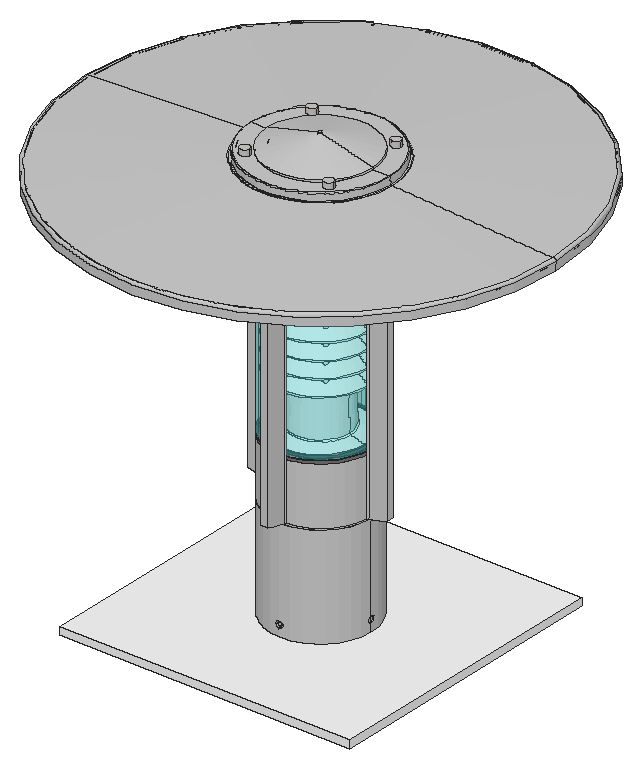
Revit family "BE_77142_de_DE", category Leuchten, Revit 2015
Parameters (values of type "BEGA_77142_Silber_K4")
  built-in parameter 1150104 = 11.65 (stored number, unit not read)
  Windangriffsfläche = "0.12 m²"
  Werkzeuglos = ""
  Wattage = 37.8 W
  Default Elevation = 0 mm
  built-in parameter 1150113 = 1 (stored number, unit not read)
  built-in parameter 1114218 = 1 (stored number, unit not read)
  Umgebungstemperatur = "25 °C"
  URL = "http://www.bega.de/produkt/77142"
  Typenkommentare = "© 2017 BEGA. Wir behalten uns das Recht vor, technische Änderungen ohne vorherige Ankündigung vorzunehmen."  # constant formula
  Type Image = 77142.png
  built-in parameter 1150134 = 12
  built-in parameter 1150109 = 1 (stored number, unit not read)
  Strom = ""
  built-in parameter 1150110 = 1 (stored number, unit not read)
  Spannung = 239.996 V
  Sonderanfertigung = no
  Seriennummer [instance] = "Hier können Sie die eindeutige Seriennummer für das Facility Management eintragen."
  Schutzklasse = "I"
  Schutzart = "IP 65"
  Scheinlast = 0 VA
  Produktdatenblatt = "http://www.bega.de/download/Xrfa/db/77142.db.de.pdf"
  Oberflächentemperatur = ""
  Neigungswinkel = 0.00°
  Modell = "77142A"
  Material_18 = BEGA_Gummi_schwarz
  Material_17 = BEGA_Reflektor
  Material_15 = BEGA_Leuchtmedium_matt
  Material_14 = BEGA_Kunststoff_opal
  Material_12 = BEGA_Kunststoff_klar
  Material_07 = BEGA_Oberfläche_Edelstahl_poliert
  Material_06 = BEGA_Oberfläche_Edelstahl_gebürstet
  Material_03 = BEGA_Oberfläche_Weiss_matt
  Material_02 = BEGA_Oberfläche_Silber_matt
  Material_01 [instance] = BEGA_Oberfläche_Grafit_matt
  Mastzopf_Ø [instance] = "76 mm"  # constant formula
  M_W = no
  M_G = no
  M_A = yes
  Logo = 0
  built-in parameter 1114217 = 1 (stored number, unit not read)
  built-in parameter 1150139 = (empty or 0)
  built-in parameter 1150105 = 377.21 (stored number, unit not read)
  built-in parameter 1150114 = 1 (stored number, unit not read)
  Lumens = 4740.12 lm
  built-in parameter 1150115 = 1 (stored number, unit not read)
  Leuchtenlichtstrom = "1607 lm"
  Leuchtenanzahl = ""
  Lebensdauerkriterien = "L70 = 50.000 h"
  Lastklassifizierung = Beleuchtung
  built-in parameter 1150112 = 1 (stored number, unit not read)
  Lampenlichtstrom = "4740 lm"
  Lampe = "LED 37.8 W"
  LED_Modulbezeichnung = "6x LED-0146/840"
  built-in parameter 1150142 = (empty or 0)
  Hersteller = "BEGA"  # constant formula
  Halbstreuwinkel = ""
  Gewicht = "11.3 kg"
  Frequenz = "0/50-60 Hz"
  Farbwiedergabeindex = "Ra > 80"
  Farbtemperaturverschiebung bei Dämpfen der Lampe = <Keine Auswahl>
  Farbtemperatur = "4000 K"
  Color Filter = 16777215
  Erdstück [instance] = no
  built-in parameter 1150133 = 10 (stored number, unit not read)
  Energieeffizienzklasse = "LED A++ - A"
  Einstecktiefe = "80 mm"
  built-in parameter 1150137 = (empty or 0)
  built-in parameter 1150132 = (empty or 0)
  ENEC = "ja"
  Dimmbar [instance] = ""
  Datei für fotometrisches Netz = "BE_77142.IES"
  CE_Konformität = "ja"
  Bestellnummer_Erdstück [instance] = ""
  Bestellnummer = "77142A"
  Beschreibung_Sonderanfertigung = "Hier können Sie Informationen zur Sonderanfertigung eintragen."
  Beschreibung = "Aufsatzleuchte"
  built-in parameter 1150106 = 3.7721 (stored number, unit not read)
  BEGA_Intern_aus = yes
  BEGA_Intern_an = yes
  BEGA_Intern_Konstruktion = yes
  BEGA_Intern = yes
  BEGA_Infotext_Winkel [instance] = no
  BEGA_IES3 = yes
  BEGA_IES2 = yes
  BEGA_IES1 = yes
  BEGA_IES = yes
  BEGA_Dummy = no
  Anschlussleitung = "6.0 m X05BQ-F 5 G 1²"
  Anschlussleistung [instance] = "45.5 W"
  built-in parameter 1150107 = 4000 (stored number, unit not read)
  built-in parameter 1150102 = (empty or 0)
  built-in parameter 1150138 = (empty or 0)
  Aktualisierung = "2017-02-23T04:15:26"
  Abstand_zur_angestrahlten_Fläche [instance] = ""
  AC/DC = "AC/DC"
Reference planes
  plane 1 "Mitte (Vorne/Hinten)": y = 0
  plane 2: z = 0
  plane 3 "Mitte (Links/Rechts)": x = 0
  plane 4 "Links": x = -325
  plane 5 "Rechts": x = 325
  plane 6 "Unten": y = -325
  plane 7 "Oben": y = 325
  plane 8 "Vorne": z = 593
  plane 9 "Hinten": z = 0
Forms (mm)
  Extrusion 1, solid, material "BEGA_Platte_Weiss"
    sketch origin (0, -1119.2, 0) x (1, 0, 0) y (0, 1, 0)
      loop
        line (-200, 1319.2) -> (-200, 919.2) -> (200, 919.2) -> (200, 1319.2) -> (-200, 1319.2)
    from 0 to -10
  Extrusion 2, solid, material "BEGA_Dummy_matt", visible <- "BEGA_Dummy"
    sketch origin (77.149, -76.023, 0) x (1, 0, 0) y (0, 1, 0)
      loop
        circle (-77.149, 76.023) r 325
    from 0 to 593
Dimensions and locks
  plane 1 "Mitte (Vorne/Hinten)" to Extrusion 1 = 200 mm
  aligned and locked: plane 2 to Extrusion 1
  aligned and locked: level to Extrusion 1
Nested families
  nested 1: "BE_77142" at (0, 0, 0), type "BE_77142"
Connectors
  electrical at (0, 0, 0), driven by "Lastklassifizierung", driven by "Spannung", driven by "Scheinlast"
    settings: index 1, voltage 239.996 V, apparent load 0 VA, apparent load phase1 0 VA, apparent load phase2 0 VA, apparent load phase3 0 VA, power factor 1, load classification "Beleuchtung", number of poles 1, system type 31, power factor state 1, is connector primary yes, connector utility no, sub classification motor no, connector description ""
Definition of nested family "BE_77142"
  Parameters (values of type "BE_77142")
    Default Elevation = 1 mm
    URL = "http://www.bega.de/de/produkt"
    Type Comments = "© 2015 BEGA. Wir behalten uns das Recht vor, technische Änderungen ohne vorherige Ankündigung vorzunehmen. "  # constant formula
    Type Image = (empty or 0)
    Material_18 = none
    Material_17 = none
    Material_15 = none
    Material_14 = none
    Material_12 = none
    Material_11 = none
    Material_09 = none
    Material_07 = none
    Material_06 = none
    Material_03 = none
    Material_02 = none
    Material_01 = none
    M_W = yes
    M_G = yes
    M_A = yes
    Länge_Platte = 300 mm  # constant formula
    Höhe_Platte = -10 mm  # constant formula
    Manufacturer = "BEGA"  # constant formula
    Breite_Platte = 300 mm  # constant formula
  Reference planes
    plane 1 "Mitte (Oben/Unten)": y = 0
    plane 2: z = 80.5
    plane 3 "Mitte (Links/Rechts)": x = 0
    plane 4: x = -325
    plane 5: z = 593
    plane 6: x = 325
    plane 7: z = 0
    plane 8: y = 325
    plane 9: y = -325
  Forms (mm)
    Extrusion 1, solid, detail levels medium
      sketch origin (0, 0, 80.5) x (1, 0, 0) y (0, 1, 0)
        loop
          line (-150, 150) -> (-150, -150) -> (150, -150) -> (150, 150) -> (-150, 150)
      from 0 to -10 <- "Höhe_Platte"
    Revolve 2, solid, material <- "Material_01", visible <- "M_G", detail levels medium+fine
      sketch origin (0, 0, -80.5) x (1, 0, 0) y (0, 0, 1)
        loop
          line (-70, 80.5) -> (-62.5, 80.5) -> (-62.5, 241) -> (-66.25, 241) -> (-66.25, 224) -> (-69, 224) -> (-69, 221) -> (-70, 221) -> (-70, 80.5)
        axis (0, 80.5) -> (0, 241)
      angle from 0 to 360
    Revolve 3, solid, material <- "Material_01", visible <- "M_G", detail levels medium+fine
      sketch origin (0, 0, -80.5) x (1, 0, 0) y (0, 0, 1)
        loop
          line (-70, 224) -> (-66.5, 224) -> (-66.5, 303) -> (-70, 303) -> (-70, 224)
        axis (0, 224) -> (0, 303)
      angle from 0 to 360
    Revolve 4, solid, material <- "Material_18", detail levels medium+fine
      sketch origin (0, 0, -80.5) x (1, 0, 0) y (0, 0, 1)
        loop
          line (-70.237, 303) -> (-65.5, 303) -> (-64.778, 294.5) -> (-62.597, 294.5) -> (-62.045, 310.3) -> (-64.65, 310.3) -> (-64.65, 307) -> (-70.237, 307) -> (-70.237, 303)
        axis (0, 294.5) -> (0, 310.3)
      angle from 0 to 360
    Extrusion 5, solid, material <- "Material_01", visible <- "M_G", detail levels medium+fine
      sketch origin (0, 0, 0) x (1, 0, 0) y (0, 1, 0)
        loop
          arc (-96.37, 5) -> (-96.5, 0) -> (-96.37, -5) r 96.5
          line (-96.37, -5) -> (-71.472, -5.992)
          arc (-71.472, -5.992) -> (-70.191, -6.527) -> (-69.568, -7.768) r 2
          arc (-69.568, -7.768) -> (-69.892, -3.89) -> (-70, 0) r 70
          arc (-70, 0) -> (-69.892, 3.89) -> (-69.568, 7.768) r 70
          arc (-69.568, 7.768) -> (-70.192, 6.526) -> (-71.476, 5.991) r 2
          line (-71.476, 5.991) -> (-96.37, 5)
      from 143.5 to 559.032
    Extrusion 6, solid, material <- "Material_01", visible <- "M_G", detail levels medium+fine
      sketch origin (0, 0, 0) x (0, -1, 0) y (1, 0, 0)
        loop
          arc (-96.37, 5) -> (-96.5, 0) -> (-96.37, -5) r 96.5
          line (-96.37, -5) -> (-71.472, -5.992)
          arc (-71.472, -5.992) -> (-70.191, -6.527) -> (-69.568, -7.768) r 2
          arc (-69.568, -7.768) -> (-69.892, -3.89) -> (-70, 0) r 70
          arc (-70, 0) -> (-69.892, 3.89) -> (-69.568, 7.768) r 70
          arc (-69.568, 7.768) -> (-70.192, 6.526) -> (-71.476, 5.991) r 2
          line (-71.476, 5.991) -> (-96.37, 5)
      from 143.5 to 559.032
    Extrusion 7, solid, material <- "Material_01", visible <- "M_G", detail levels medium+fine
      sketch origin (0, 0, 0) x (0, 1, 0) y (-1, 0, 0)
        loop
          arc (-96.37, 5) -> (-96.5, 0) -> (-96.37, -5) r 96.5
          line (-96.37, -5) -> (-71.472, -5.992)
          arc (-71.472, -5.992) -> (-70.191, -6.527) -> (-69.568, -7.768) r 2
          arc (-69.568, -7.768) -> (-69.892, -3.89) -> (-70, 0) r 70
          arc (-70, 0) -> (-69.892, 3.89) -> (-69.568, 7.768) r 70
          arc (-69.568, 7.768) -> (-70.192, 6.526) -> (-71.476, 5.991) r 2
          line (-71.476, 5.991) -> (-96.37, 5)
      from 143.5 to 559.032
    Extrusion 8, solid, material <- "Material_01", visible <- "M_G", detail levels medium+fine
      sketch origin (0, 0, 0) x (-1, 0, 0) y (0, -1, 0)
        loop
          arc (-96.37, 5) -> (-96.5, 0) -> (-96.37, -5) r 96.5
          line (-96.37, -5) -> (-71.472, -5.992)
          arc (-71.472, -5.992) -> (-70.191, -6.527) -> (-69.568, -7.768) r 2
          arc (-69.568, -7.768) -> (-69.892, -3.89) -> (-70, 0) r 70
          arc (-70, 0) -> (-69.892, 3.89) -> (-69.568, 7.768) r 70
          arc (-69.568, 7.768) -> (-70.192, 6.526) -> (-71.476, 5.991) r 2
          line (-71.476, 5.991) -> (-96.37, 5)
      from 143.5 to 559.032
    Revolve 9, solid, material <- "Material_01", visible <- "M_G", detail levels medium+fine
      sketch origin (0, 0, -80.5) x (1, 0, 0) y (0, 0, 1)
        loop
          line (-96.5, 630) -> (-72.242, 623.5) -> (-70, 623.5) -> (-70, 640) -> (-96.5, 640) -> (-96.5, 630)
        axis (0, 623.5) -> (0, 640)
      angle from 0 to 360
    Revolve 10, solid, material <- "Material_01", visible <- "M_G", detail levels medium+fine
      sketch origin (0, 0, -80.5) x (1, 0, 0) y (0, 0, 1)
        loop
          line (-325, 616.208) -> (-322, 616.208) -> (-322, 627.412)
          arc (-322, 627.412) -> (-321.723, 628.104) -> (-321.044, 628.411) r 1
          line (-321.044, 628.411) -> (-99.921, 640) -> (-76.231, 640) -> (-76.231, 643) -> (-99.451, 643)
          arc (-99.451, 643) -> (-100, 642.993) -> (-100.549, 642.971) r 20.982
          line (-100.549, 642.971) -> (-321.209, 631.406)
          arc (-321.209, 631.406) -> (-323.901, 630.164) -> (-325, 627.411) r 4
          line (-325, 627.411) -> (-325, 616.208)
        axis (0, 616.208) -> (0, 643)
      angle from 0 to 360
    Revolve 11, solid, material <- "Material_01", visible <- "M_G", detail levels medium+fine
      sketch origin (0, 0, -80.5) x (1, 0, 0) y (0, 0, 1)
        loop
          line (-96.184, 652.036) -> (-96.5, 643) -> (-92.6, 643) -> (-92.074, 650) -> (-57.716, 650) -> (-57.485, 656.614) -> (0, 672.027) -> (0, 673.5) -> (-3, 673.5) -> (-71.93, 655.019) -> (-72, 653) -> (-95.185, 653)
          arc (-95.185, 653) -> (-95.879, 652.72) -> (-96.184, 652.036) r 1
        axis (0, 673.5) -> (0, 643)
      angle from 0 to 360
    Revolve 12, solid, material <- "Material_12", detail levels medium+fine
      sketch origin (0, 0, -80.5) x (1, 0, 0) y (0, 0, 1)
        loop
          line (-67, 644) -> (-70, 644) -> (-70, 307) -> (-67, 307) -> (-67, 644)
        axis (0, 307) -> (0, 644)
      angle from 0 to 360
    Revolve 13, void
      sketch origin (0, 0, -80.5) x (1, 0, 0) y (0, 0, 1)
        loop
          line (-70.777, 101) -> (-70.777, 96) -> (-58.842, 96) -> (-58.842, 101) -> (-70.777, 101)
        axis (-70.777, 96) -> (-58.842, 96)
      angle from 0 to 360
    Revolve 14, void
      sketch origin (0, 0, -80.5) x (0, -1, 0) y (0, 0, 1)
        loop
          line (-70.777, 101) -> (-70.777, 96) -> (-58.842, 96) -> (-58.842, 101) -> (-70.777, 101)
        axis (-70.777, 96) -> (-58.842, 96)
      angle from 0 to 360
    Revolve 15, void
      sketch origin (0, 0, -80.5) x (0, 1, 0) y (0, 0, 1)
        loop
          line (-70.777, 101) -> (-70.777, 96) -> (-58.842, 96) -> (-58.842, 101) -> (-70.777, 101)
        axis (-70.777, 96) -> (-58.842, 96)
      angle from 0 to 360
    Revolve 16, void
      sketch origin (0, 0, -80.5) x (-1, 0, 0) y (0, 0, 1)
        loop
          line (-70.777, 101) -> (-70.777, 96) -> (-58.842, 96) -> (-58.842, 101) -> (-70.777, 101)
        axis (-70.777, 96) -> (-58.842, 96)
      angle from 0 to 360
    Revolve 17, solid, material <- "Material_06", detail levels fine
      sketch origin (0, 0, -80.5) x (1, 0, 0) y (0, 0, 1)
        loop
          line (-68.5, 99.25) -> (-68.5, 96) -> (-44, 96) -> (-44, 102) -> (-65, 102) -> (-65, 100) -> (-67.75, 100) -> (-68.5, 99.25)
        axis (-68.5, 96) -> (-44, 96)
      angle from 0 to 360
    Revolve 18, solid, material <- "Material_06", detail levels fine
      sketch origin (0, 0, -80.5) x (0, -1, 0) y (0, 0, 1)
        loop
          line (-68.5, 99.25) -> (-68.5, 96) -> (-44, 96) -> (-44, 102) -> (-65, 102) -> (-65, 100) -> (-67.75, 100) -> (-68.5, 99.25)
        axis (-68.5, 96) -> (-44, 96)
      angle from 0 to 360
    Revolve 19, solid, material <- "Material_06", detail levels fine
      sketch origin (0, 0, -80.5) x (0, 1, 0) y (0, 0, 1)
        loop
          line (-68.5, 99.25) -> (-68.5, 96) -> (-44, 96) -> (-44, 102) -> (-65, 102) -> (-65, 100) -> (-67.75, 100) -> (-68.5, 99.25)
        axis (-68.5, 96) -> (-44, 96)
      angle from 0 to 360
    Revolve 20, solid, material <- "Material_06", detail levels fine
      sketch origin (0, 0, -80.5) x (-1, 0, 0) y (0, 0, 1)
        loop
          line (-68.5, 99.25) -> (-68.5, 96) -> (-44, 96) -> (-44, 102) -> (-65, 102) -> (-65, 100) -> (-67.75, 100) -> (-68.5, 99.25)
        axis (-68.5, 96) -> (-44, 96)
      angle from 0 to 360
    Extrusion 21, void
      sketch origin (0, 0, 0) x (1, 0, 0) y (0, 1, 0)
        loop
          circle (57.983, 57.983) r 7.035
        loop
          circle (-57.983, 57.983) r 7.035
        loop
          circle (-57.983, -57.983) r 7.035
        loop
          circle (57.983, -57.983) r 7.035
      from 571.5 to 576.114
    Extrusion 22, solid, material <- "Material_06", detail levels fine
      sketch origin (0, 0, 0) x (1, 0, 0) y (0, 1, 0)
        loop
          circle (57.983, 57.983) r 6.5
        loop
          circle (-57.983, 57.983) r 6.5
        loop
          circle (57.983, -57.983) r 6.5
        loop
          circle (-57.983, -57.983) r 6.5
      from 571.5 to 579.5
    Revolve 23, solid, material <- "Material_02", visible <- "M_A", detail levels medium+fine
      sketch origin (0, 0, -80.5) x (1, 0, 0) y (0, 0, 1)
        loop
          line (-70, 80.5) -> (-62.5, 80.5) -> (-62.5, 241) -> (-66.25, 241) -> (-66.25, 224) -> (-69, 224) -> (-69, 221) -> (-70, 221) -> (-70, 80.5)
        axis (0, 80.5) -> (0, 241)
      angle from 0 to 360
    Revolve 24, solid, material <- "Material_02", visible <- "M_A", detail levels medium+fine
      sketch origin (0, 0, -80.5) x (1, 0, 0) y (0, 0, 1)
        loop
          line (-70, 224) -> (-66.5, 224) -> (-66.5, 303) -> (-70, 303) -> (-70, 224)
        axis (0, 224) -> (0, 303)
      angle from 0 to 360
    Extrusion 25, solid, material <- "Material_02", visible <- "M_A", detail levels medium+fine
      sketch origin (0, 0, 0) x (1, 0, 0) y (0, 1, 0)
        loop
          arc (-96.37, 5) -> (-96.5, 0) -> (-96.37, -5) r 96.5
          line (-96.37, -5) -> (-71.472, -5.992)
          arc (-71.472, -5.992) -> (-70.191, -6.527) -> (-69.568, -7.768) r 2
          arc (-69.568, -7.768) -> (-69.892, -3.89) -> (-70, 0) r 70
          arc (-70, 0) -> (-69.892, 3.89) -> (-69.568, 7.768) r 70
          arc (-69.568, 7.768) -> (-70.192, 6.526) -> (-71.476, 5.991) r 2
          line (-71.476, 5.991) -> (-96.37, 5)
      from 143.5 to 559.032
    Extrusion 26, solid, material <- "Material_02", visible <- "M_A", detail levels medium+fine
      sketch origin (0, 0, 0) x (0, -1, 0) y (1, 0, 0)
        loop
          arc (-96.37, 5) -> (-96.5, 0) -> (-96.37, -5) r 96.5
          line (-96.37, -5) -> (-71.472, -5.992)
          arc (-71.472, -5.992) -> (-70.191, -6.527) -> (-69.568, -7.768) r 2
          arc (-69.568, -7.768) -> (-69.892, -3.89) -> (-70, 0) r 70
          arc (-70, 0) -> (-69.892, 3.89) -> (-69.568, 7.768) r 70
          arc (-69.568, 7.768) -> (-70.192, 6.526) -> (-71.476, 5.991) r 2
          line (-71.476, 5.991) -> (-96.37, 5)
      from 143.5 to 559.032
    Extrusion 27, solid, material <- "Material_02", visible <- "M_A", detail levels medium+fine
      sketch origin (0, 0, 0) x (0, 1, 0) y (-1, 0, 0)
        loop
          arc (-96.37, 5) -> (-96.5, 0) -> (-96.37, -5) r 96.5
          line (-96.37, -5) -> (-71.472, -5.992)
          arc (-71.472, -5.992) -> (-70.191, -6.527) -> (-69.568, -7.768) r 2
          arc (-69.568, -7.768) -> (-69.892, -3.89) -> (-70, 0) r 70
          arc (-70, 0) -> (-69.892, 3.89) -> (-69.568, 7.768) r 70
          arc (-69.568, 7.768) -> (-70.192, 6.526) -> (-71.476, 5.991) r 2
          line (-71.476, 5.991) -> (-96.37, 5)
      from 143.5 to 559.032
    Extrusion 28, solid, material <- "Material_02", visible <- "M_A", detail levels medium+fine
      sketch origin (0, 0, 0) x (-1, 0, 0) y (0, -1, 0)
        loop
          arc (-96.37, 5) -> (-96.5, 0) -> (-96.37, -5) r 96.5
          line (-96.37, -5) -> (-71.472, -5.992)
          arc (-71.472, -5.992) -> (-70.191, -6.527) -> (-69.568, -7.768) r 2
          arc (-69.568, -7.768) -> (-69.892, -3.89) -> (-70, 0) r 70
          arc (-70, 0) -> (-69.892, 3.89) -> (-69.568, 7.768) r 70
          arc (-69.568, 7.768) -> (-70.192, 6.526) -> (-71.476, 5.991) r 2
          line (-71.476, 5.991) -> (-96.37, 5)
      from 143.5 to 559.032
    Revolve 29, solid, material <- "Material_02", visible <- "M_A", detail levels medium+fine
      sketch origin (0, 0, -80.5) x (1, 0, 0) y (0, 0, 1)
        loop
          line (-96.5, 630) -> (-72.242, 623.5) -> (-70, 623.5) -> (-70, 640) -> (-96.5, 640) -> (-96.5, 630)
        axis (0, 623.5) -> (0, 640)
      angle from 0 to 360
    Revolve 30, solid, material <- "Material_02", visible <- "M_A", detail levels medium+fine
      sketch origin (0, 0, -80.5) x (1, 0, 0) y (0, 0, 1)
        loop
          line (-325, 616.208) -> (-322, 616.208) -> (-322, 627.412)
          arc (-322, 627.412) -> (-321.723, 628.104) -> (-321.044, 628.411) r 1
          line (-321.044, 628.411) -> (-99.921, 640) -> (-76.231, 640) -> (-76.231, 643) -> (-99.451, 643)
          arc (-99.451, 643) -> (-100, 642.993) -> (-100.549, 642.971) r 20.982
          line (-100.549, 642.971) -> (-321.209, 631.406)
          arc (-321.209, 631.406) -> (-323.901, 630.164) -> (-325, 627.411) r 4
          line (-325, 627.411) -> (-325, 616.208)
        axis (0, 616.208) -> (0, 643)
      angle from 0 to 360
    Revolve 31, solid, material <- "Material_02", visible <- "M_A", detail levels medium+fine
      sketch origin (0, 0, -80.5) x (1, 0, 0) y (0, 0, 1)
        loop
          line (-96.184, 652.036) -> (-96.5, 643) -> (-92.6, 643) -> (-92.074, 650) -> (-57.716, 650) -> (-57.485, 656.614) -> (0, 672.027) -> (0, 673.5) -> (-3, 673.5) -> (-71.93, 655.019) -> (-72, 653) -> (-95.185, 653)
          arc (-95.185, 653) -> (-95.879, 652.72) -> (-96.184, 652.036) r 1
        axis (0, 673.5) -> (0, 643)
      angle from 0 to 360
    Revolve 32, void
      sketch origin (0, 0, -80.5) x (1, 0, 0) y (0, 0, 1)
        loop
          line (-74.887, 223.506) -> (-96.978, 229.425) -> (-96.978, 223.506) -> (-74.887, 223.506)
        axis (0, 223.506) -> (0, 229.425)
      angle from 0 to 360
    Revolve 33, solid, material <- "Material_03", detail levels medium+fine
      sketch origin (0, 0, 0) x (1, 0, 0) y (0, 0, 1)
        loop
          line (-41.427, 234.108) -> (-61.591, 228.5) -> (-62.15, 212.5) -> (-59.036, 212.5) -> (-43.166, 229.991) -> (-38.019, 231.422)
          arc (-38.019, 231.422) -> (-36.984, 232.111) -> (-36.556, 233.279) r 2
          line (-36.556, 233.279) -> (-33.748, 313) -> (-37.25, 313) -> (-39.964, 235.957)
          arc (-39.964, 235.957) -> (-40.394, 234.794) -> (-41.427, 234.108) r 2
        axis (0, 212.5) -> (0, 313)
      angle from 0 to 360
    Revolve 34, solid, material <- "Material_03", detail levels medium+fine
      sketch origin (0, 0, 0) x (1, 0, 0) y (0, 0, 1)
        loop
          line (-64.937, 415.4) -> (-65, 413.6) -> (-62.495, 413.6) -> (-42.091, 434.004) -> (-42, 436.6) -> (-43.737, 436.6) -> (-64.937, 415.4)
        loop
          line (-64.937, 392.9) -> (-65, 391.1) -> (-62.495, 391.1) -> (-42.091, 411.504) -> (-42, 414.1) -> (-43.737, 414.1) -> (-64.937, 392.9)
        loop
          line (-64.937, 370.4) -> (-65, 368.6) -> (-62.495, 368.6) -> (-42.091, 389.004) -> (-42, 391.6) -> (-43.737, 391.6) -> (-64.937, 370.4)
        loop
          line (-64.937, 347.9) -> (-65, 346.1) -> (-62.495, 346.1) -> (-42.091, 366.504) -> (-42, 369.1) -> (-43.737, 369.1) -> (-64.937, 347.9)
        loop
          line (-64.937, 325.4) -> (-65, 323.6) -> (-62.495, 323.6) -> (-42.091, 344.004) -> (-42, 346.6) -> (-43.737, 346.6) -> (-64.937, 325.4)
        loop
          line (-64.937, 302.9) -> (-65, 301.1) -> (-62.495, 301.1) -> (-42.091, 321.504) -> (-42, 324.1) -> (-43.737, 324.1) -> (-64.937, 302.9)
        axis (0, 436.6) -> (0, 301.1)
      angle from 0 to 360
    Revolve 35, solid, material <- "Material_03", detail levels medium+fine
      sketch origin (-1.101, 34.849, 0) x (1, 0, 0) y (0, 0, 1)
        loop
          line (-33.588, 441.1) -> (-38.307, 441.1) -> (-38.307, 306.2) -> (-33.588, 306.2) -> (-33.588, 441.1)
        axis (-33.588, 441.1) -> (-33.588, 306.2)
      angle from 0 to 360
    Revolve 36, solid, material <- "Material_03", detail levels medium+fine
      sketch origin (34.849, 1.101, 0) x (0, -1, 0) y (0, 0, 1)
        loop
          line (-33.588, 441.1) -> (-38.307, 441.1) -> (-38.307, 306.2) -> (-33.588, 306.2) -> (-33.588, 441.1)
        axis (-33.588, 441.1) -> (-33.588, 306.2)
      angle from 0 to 360
    Revolve 37, solid, material <- "Material_03", detail levels medium+fine
      sketch origin (-34.849, -1.101, 0) x (0, 1, 0) y (0, 0, 1)
        loop
          line (-33.588, 441.107) -> (-38.307, 441.107) -> (-38.307, 306.2) -> (-33.588, 306.2) -> (-33.588, 441.107)
        axis (-33.588, 441.107) -> (-33.588, 306.2)
      angle from 0 to 360
    Revolve 38, solid, material <- "Material_03", detail levels medium+fine
      sketch origin (1.101, -34.849, 0) x (-1, 0, 0) y (0, 0, 1)
        loop
          line (-33.588, 441.1) -> (-38.307, 441.1) -> (-38.307, 306.2) -> (-33.588, 306.2) -> (-33.588, 441.1)
        axis (-33.588, 441.1) -> (-33.588, 306.2)
      angle from 0 to 360
    Extrusion 39, solid, material <- "Material_06", detail levels fine
      sketch origin (0, 0, 80.5) x (1, 0, 0) y (0, 1, 0)
        loop
          circle (-34.689, 34.849) r 4
      from 360.6 to 365.6
    Extrusion 40, solid, material <- "Material_06", detail levels fine
      sketch origin (0, 0, 80.5) x (0, -1, 0) y (1, 0, 0)
        loop
          circle (-34.689, 34.849) r 4
      from 360.6 to 365.6
    Extrusion 41, solid, material <- "Material_06", detail levels fine
      sketch origin (0, 0, 80.5) x (0, 1, 0) y (-1, 0, 0)
        loop
          circle (-34.689, 34.849) r 4
      from 360.6 to 365.6
    Extrusion 42, solid, material <- "Material_06", detail levels fine
      sketch origin (0, 0, 80.5) x (-1, 0, 0) y (0, -1, 0)
        loop
          circle (-34.689, 34.849) r 4
      from 360.6 to 365.6
    Extrusion 43, solid, material <- "Material_15", detail levels medium+fine
      sketch origin (0, 0, 80.5) x (1, 0, 0) y (0, 1, 0)
        loop
          line (10.416, -25.763) -> (10.02, -24.284) -> (3.464, -26.041) -> (3.861, -27.52) -> (10.416, -25.763)
      from 294.99 to 333.1
    Extrusion 44, solid, material <- "Material_15", detail levels medium+fine
      sketch origin (0, 0, 80.5) x (0.5, -0.866025, 0) y (0.866025, 0.5, 0)
        loop
          line (10.416, -25.763) -> (10.02, -24.284) -> (3.464, -26.041) -> (3.861, -27.52) -> (10.416, -25.763)
      from 294.99 to 333.1
    Extrusion 45, solid, material <- "Material_15", detail levels medium+fine
      sketch origin (0, 0, 80.5) x (0.5, 0.866025, 0) y (-0.866025, 0.5, 0)
        loop
          line (10.416, -25.763) -> (10.02, -24.284) -> (3.464, -26.041) -> (3.861, -27.52) -> (10.416, -25.763)
      from 294.99 to 333.1
    Extrusion 46, solid, material <- "Material_15", detail levels medium+fine
      sketch origin (0, 0, 80.5) x (-0.5, 0.866025, 0) y (-0.866025, -0.5, 0)
        loop
          line (10.416, -25.763) -> (10.02, -24.284) -> (3.464, -26.041) -> (3.861, -27.52) -> (10.416, -25.763)
      from 294.99 to 333.1
    Extrusion 47, solid, material <- "Material_15", detail levels medium+fine
      sketch origin (0, 0, 80.5) x (-1, 0, 0) y (0, -1, 0)
        loop
          line (10.416, -25.763) -> (10.02, -24.284) -> (3.464, -26.041) -> (3.861, -27.52) -> (10.416, -25.763)
      from 294.99 to 333.1
    Extrusion 48, solid, material <- "Material_15", detail levels medium+fine
      sketch origin (0, 0, 80.5) x (-0.5, -0.866025, 0) y (0.866025, -0.5, 0)
        loop
          line (10.416, -25.763) -> (10.02, -24.284) -> (3.464, -26.041) -> (3.861, -27.52) -> (10.416, -25.763)
      from 294.99 to 333.1
    Revolve 49, solid, material <- "Material_03", detail levels medium+fine
      sketch origin (0, 0, 0) x (1, 0, 0) y (0, 0, 1)
        loop
          arc (-63, 547.242) -> (-62.804, 546.647) -> (-62.294, 546.286) r 1
          line (-62.294, 546.286) -> (-7.067, 531.488)
          arc (-7.067, 531.488) -> (-6.549, 531.488) -> (-6.101, 531.747) r 1
          line (-6.101, 531.747) -> (-3.1, 534.748) -> (-4.514, 536.162) -> (-6.699, 533.977)
          arc (-6.699, 533.977) -> (-7.147, 533.719) -> (-7.665, 533.719) r 1
          line (-7.665, 533.719) -> (-60.294, 547.82)
          arc (-60.294, 547.82) -> (-60.804, 548.182) -> (-61, 548.776) r 1
          line (-61, 548.776) -> (-61, 562.5) -> (-63, 562.5) -> (-63, 547.242)
        axis (0, 531.488) -> (0, 562.5)
      angle from 0 to 360
    Revolve 50, solid, material <- "Material_06", detail levels fine
      sketch origin (0, 0, 0) x (1, 0, 0) y (0, 0, 1)
        loop
          line (0, 531.548) -> (0, 532.356) -> (-6, 532.356) -> (-6, 531.548) -> (0, 531.548)
        axis (0, 532.356) -> (0, 531.356)
      angle from 0 to 360
  Cuts and joins
    Revolve 13, Revolve 14, Revolve 15, Revolve 16, Revolve 32 cuts Revolve 2
    Revolve 13, Revolve 14, Revolve 15, Revolve 16, Revolve 32 cuts Revolve 3
    Revolve 13, Revolve 14, Revolve 15, Revolve 16, Revolve 32 cuts Extrusion 5
    Revolve 13, Revolve 14, Revolve 15, Revolve 16, Revolve 32 cuts Extrusion 6
    Revolve 13, Revolve 14, Revolve 15, Revolve 16, Revolve 32 cuts Extrusion 7
    Revolve 13, Revolve 14, Revolve 15, Revolve 16, Revolve 32 cuts Extrusion 8
    Revolve 13, Revolve 14, Revolve 15, Revolve 16, Revolve 32 cuts Revolve 9
    joined: Revolve 2, Revolve 3, Extrusion 5, Extrusion 6, Extrusion 7, Extrusion 8, Revolve 9
    Extrusion 21 cuts Revolve 11
    joined: Revolve 10, Revolve 11
    Revolve 13, Revolve 14, Revolve 15, Revolve 16, Revolve 32 cuts Revolve 23
    Revolve 32 cuts Revolve 24
    Revolve 32 cuts Extrusion 25
    Revolve 32 cuts Extrusion 26
    Revolve 32 cuts Extrusion 27
    Revolve 32 cuts Extrusion 28
    Revolve 32 cuts Revolve 29
    joined: Revolve 23, Revolve 24, Extrusion 25, Extrusion 26, Extrusion 27, Extrusion 28, Revolve 29
    Extrusion 21 cuts Revolve 31
    joined: Revolve 30, Revolve 31
    joined: Revolve 33, Revolve 34, Revolve 35, Revolve 36, Revolve 37, Revolve 38
  Dimensions and locks
    equal spacing: Extrusion 1 sketch curve, plane 3 "Mitte (Links/Rechts)", Extrusion 1 sketch curve
    equal spacing: Extrusion 1 sketch curve, plane 1 "Mitte (Oben/Unten)", Extrusion 1 sketch curve
    "Länge_Platte": Extrusion 1 sketch curve to Extrusion 1 sketch curve
    "Breite_Platte": Extrusion 1 sketch curve to Extrusion 1 sketch curve
    aligned and locked: Extrusion 1 to plane 2
    aligned and locked: level to Extrusion 1
  Automatic sketch dimensions
    Revolve 2 sketch curve to level = 80.5 mm
    Revolve 2 sketch curve to plane 3 "Mitte (Links/Rechts)" = 0 mm
    Revolve 2 sketch curve to plane 3 "Mitte (Links/Rechts)" = 62.5 mm
    Revolve 2 sketch curve to Revolve 2 sketch curve = 3.75 mm
    Revolve 2 sketch curve to Revolve 2 sketch curve = 2.75 mm
    Revolve 2 sketch curve to Revolve 2 sketch curve = 7.5 mm
    level to Revolve 2 sketch curve = 60 mm
    Revolve 2 sketch curve to Revolve 2 sketch curve = 20 mm
    Revolve 2 sketch curve to level = 27.152 mm
    Revolve 2 sketch curve to Revolve 2 sketch curve = 40 mm
    Revolve 2 sketch curve to Revolve 2 sketch curve = 3 mm
    Revolve 3 sketch curve to plane 3 "Mitte (Links/Rechts)" = 0 mm
    Revolve 3 sketch curve to plane 3 "Mitte (Links/Rechts)" = 66.5 mm
    Revolve 3 sketch curve to Revolve 3 sketch curve = 3.5 mm
    level to Revolve 3 sketch curve = 63 mm
    Revolve 3 sketch curve to Revolve 3 sketch curve = 79 mm
    Revolve 3 sketch curve to Revolve 3 sketch curve = 34.35 mm
    Revolve 3 sketch curve to Revolve 3 sketch curve = 26.475 mm
    Revolve 4 sketch curve to plane 3 "Mitte (Links/Rechts)" = 0 mm
    Revolve 4 sketch curve to plane 3 "Mitte (Links/Rechts)" = 62.045 mm
    Revolve 4 sketch curve to Revolve 4 sketch curve = 0.552 mm
    Revolve 4 sketch curve to Revolve 4 sketch curve = 2.605 mm
    Revolve 4 sketch curve to Revolve 4 sketch curve = 2.181 mm
    Revolve 4 sketch curve to Revolve 4 sketch curve = 0.85 mm
    Revolve 4 sketch curve to Revolve 4 sketch curve = 4.737 mm
    level to Revolve 4 sketch curve = 133.5 mm
    Revolve 4 sketch curve to Revolve 4 sketch curve = 8.5 mm
    Revolve 4 sketch curve to Revolve 4 sketch curve = 4 mm
    Revolve 4 sketch curve to Revolve 4 sketch curve = 3.3 mm
    Revolve 4 sketch curve to Revolve 4 sketch curve = 1.46 mm
    Revolve 4 sketch curve to Revolve 4 sketch curve = 20 mm
    Extrusion 5 sketch curve to Extrusion 5 sketch curve = 24.895 mm
    Extrusion 5 sketch curve to Extrusion 5 sketch curve = 0.003 mm
    Extrusion 5 sketch curve to Extrusion 5 sketch curve = 0.083 mm
    Extrusion 5 sketch curve to Extrusion 5 sketch curve = 0.08 mm
    Extrusion 5 sketch curve to Extrusion 5 sketch curve = 1.998 mm  (x2)
    Extrusion 5 sketch curve to Extrusion 5 sketch curve = 0 mm  (x15)
    Extrusion 5 sketch curve to Extrusion 5 sketch curve = 1.988 mm  (x2)
    Extrusion 5 sketch curve to Extrusion 5 sketch curve = 1.476 mm
    Extrusion 5 sketch curve to Extrusion 5 sketch curve = 69.568 mm
    Extrusion 5 sketch curve to Extrusion 5 sketch curve = 0.992 mm
    Extrusion 5 sketch curve to Extrusion 5 sketch curve = 0.222 mm
    Extrusion 6 sketch curve to Extrusion 6 sketch curve = 24.895 mm
    Extrusion 6 sketch curve to Extrusion 6 sketch curve = 0.003 mm
    Extrusion 6 sketch curve to Extrusion 6 sketch curve = 0.083 mm
    Extrusion 6 sketch curve to Extrusion 6 sketch curve = 0.08 mm
    Extrusion 6 sketch curve to Extrusion 6 sketch curve = 1.998 mm  (x2)
    Extrusion 6 sketch curve to Extrusion 6 sketch curve = 0 mm  (x15)
    Extrusion 6 sketch curve to Extrusion 6 sketch curve = 1.988 mm  (x2)
    Extrusion 6 sketch curve to Extrusion 6 sketch curve = 1.476 mm
    Extrusion 6 sketch curve to Extrusion 6 sketch curve = 69.568 mm
    Extrusion 6 sketch curve to Extrusion 6 sketch curve = 0.992 mm
    Extrusion 6 sketch curve to Extrusion 6 sketch curve = 0.222 mm
    Extrusion 7 sketch curve to Extrusion 7 sketch curve = 24.895 mm
    Extrusion 7 sketch curve to Extrusion 7 sketch curve = 0.003 mm
    Extrusion 7 sketch curve to Extrusion 7 sketch curve = 0.083 mm
    Extrusion 7 sketch curve to Extrusion 7 sketch curve = 0.08 mm
    Extrusion 7 sketch curve to Extrusion 7 sketch curve = 1.998 mm  (x2)
    Extrusion 7 sketch curve to Extrusion 7 sketch curve = 0 mm  (x15)
    Extrusion 7 sketch curve to Extrusion 7 sketch curve = 1.988 mm  (x2)
    Extrusion 7 sketch curve to Extrusion 7 sketch curve = 1.476 mm
    Extrusion 7 sketch curve to Extrusion 7 sketch curve = 69.568 mm
    Extrusion 7 sketch curve to Extrusion 7 sketch curve = 0.992 mm
    Extrusion 7 sketch curve to Extrusion 7 sketch curve = 0.222 mm
    Extrusion 8 sketch curve to Extrusion 8 sketch curve = 24.895 mm
    Extrusion 8 sketch curve to Extrusion 8 sketch curve = 0.003 mm
    Extrusion 8 sketch curve to Extrusion 8 sketch curve = 0.083 mm
    Extrusion 8 sketch curve to Extrusion 8 sketch curve = 0.08 mm
    Extrusion 8 sketch curve to Extrusion 8 sketch curve = 1.998 mm  (x2)
    Extrusion 8 sketch curve to Extrusion 8 sketch curve = 0 mm  (x15)
    Extrusion 8 sketch curve to Extrusion 8 sketch curve = 1.988 mm  (x2)
    Extrusion 8 sketch curve to Extrusion 8 sketch curve = 1.476 mm
    Extrusion 8 sketch curve to Extrusion 8 sketch curve = 69.568 mm
    Extrusion 8 sketch curve to Extrusion 8 sketch curve = 0.992 mm
    Extrusion 8 sketch curve to Extrusion 8 sketch curve = 0.222 mm
    plane 1 "Mitte (Oben/Unten)" to Extrusion 5 sketch curve = 0 mm
    Extrusion 5 sketch curve to plane 3 "Mitte (Links/Rechts)" = 0 mm
    Extrusion 6 sketch curve to plane 3 "Mitte (Links/Rechts)" = 0 mm
    plane 1 "Mitte (Oben/Unten)" to Extrusion 6 sketch curve = 0 mm
    Extrusion 7 sketch curve to plane 3 "Mitte (Links/Rechts)" = 0 mm
    plane 1 "Mitte (Oben/Unten)" to Extrusion 7 sketch curve = 0 mm
    plane 1 "Mitte (Oben/Unten)" to Extrusion 8 sketch curve = 0 mm
    Extrusion 8 sketch curve to plane 3 "Mitte (Links/Rechts)" = 0 mm
    Revolve 9 sketch curve to plane 3 "Mitte (Links/Rechts)" = 96.5 mm
    Revolve 9 sketch curve to Revolve 9 sketch curve = 24.258 mm
    Revolve 9 sketch curve to Revolve 9 sketch curve = 2.242 mm
    level to Revolve 9 sketch curve = 462.5 mm
    Revolve 9 sketch curve to Revolve 9 sketch curve = 6.5 mm
    Revolve 9 sketch curve to Revolve 9 sketch curve = 16.5 mm
    Revolve 9 sketch curve to Revolve 9 sketch curve = 70 mm
    Revolve 9 sketch curve to Revolve 9 sketch curve = 15 mm  (x2)
    Revolve 11 sketch curve to plane 3 "Mitte (Links/Rechts)" = 0 mm  (x2)
    Revolve 11 sketch curve to Revolve 11 sketch curve = 3 mm
    Revolve 11 sketch curve to Revolve 11 sketch curve = 54.485 mm
    Revolve 11 sketch curve to Revolve 11 sketch curve = 0.231 mm
    Revolve 11 sketch curve to Revolve 11 sketch curve = 14.445 mm
    Revolve 11 sketch curve to Revolve 11 sketch curve = 0.07 mm
    Revolve 11 sketch curve to Revolve 11 sketch curve = 20.074 mm
    Revolve 11 sketch curve to Revolve 11 sketch curve = 0.526 mm
    Revolve 11 sketch curve to Revolve 11 sketch curve = 3.111 mm
    Revolve 11 sketch curve to Revolve 11 sketch curve = 0.999 mm
    Revolve 11 sketch curve to Revolve 11 sketch curve = 3.9 mm
    level to Revolve 11 sketch curve = 482 mm
    Revolve 11 sketch curve to Revolve 11 sketch curve = 7 mm
    Revolve 11 sketch curve to Revolve 11 sketch curve = 2 mm
    Revolve 11 sketch curve to Revolve 11 sketch curve = 0.036 mm
    Revolve 11 sketch curve to Revolve 11 sketch curve = 2.019 mm
    Revolve 11 sketch curve to Revolve 11 sketch curve = 6.614 mm
    Revolve 11 sketch curve to Revolve 11 sketch curve = 15.413 mm
    Revolve 11 sketch curve to Revolve 11 sketch curve = 1.473 mm
    Revolve 11 sketch curve to Revolve 11 sketch curve = 20 mm
    Revolve 11 sketch curve to Revolve 11 sketch curve = 0 mm
    Revolve 10 sketch curve to plane 3 "Mitte (Links/Rechts)" = 0 mm
    Revolve 10 sketch curve to plane 3 "Mitte (Links/Rechts)" = 76.231 mm
    Revolve 10 sketch curve to Revolve 10 sketch curve = 23.22 mm
    Revolve 10 sketch curve to Revolve 10 sketch curve = 0.471 mm
    Revolve 10 sketch curve to Revolve 10 sketch curve = 1.098 mm
    Revolve 10 sketch curve to Revolve 10 sketch curve = 220.451 mm
    Revolve 10 sketch curve to Revolve 10 sketch curve = 0 mm  (x2)
    Revolve 10 sketch curve to Revolve 10 sketch curve = 0.044 mm
    Revolve 10 sketch curve to Revolve 10 sketch curve = 1 mm
    Revolve 10 sketch curve to Revolve 10 sketch curve = 3 mm
    level to Revolve 10 sketch curve = 455.208 mm
    Revolve 10 sketch curve to Revolve 10 sketch curve = 5.81 mm
    Revolve 10 sketch curve to Revolve 10 sketch curve = 11.203 mm
    Revolve 10 sketch curve to Revolve 10 sketch curve = 0.001 mm  (x2)
    Revolve 10 sketch curve to Revolve 10 sketch curve = 17.982 mm
    Revolve 10 sketch curve to Revolve 10 sketch curve = 2.971 mm
    Revolve 10 sketch curve to Revolve 10 sketch curve = 0.165 mm
    Revolve 10 sketch curve to Revolve 10 sketch curve = 5 mm
    Revolve 10 sketch curve to Revolve 10 sketch curve = 13.241 mm
    Revolve 12 sketch curve to plane 3 "Mitte (Links/Rechts)" = 0 mm
    Revolve 12 sketch curve to plane 3 "Mitte (Links/Rechts)" = 67 mm
    Revolve 12 sketch curve to Revolve 12 sketch curve = 3 mm
    level to Revolve 12 sketch curve = 146 mm
    Revolve 12 sketch curve to Revolve 12 sketch curve = 337 mm
    Revolve 12 sketch curve to Revolve 12 sketch curve = 42.706 mm
    Revolve 12 sketch curve to Revolve 12 sketch curve = 23.105 mm
    Revolve 13 sketch curve to Revolve 13 sketch curve = 11.935 mm
    Revolve 13 sketch curve to Revolve 13 sketch curve = 5 mm
    Revolve 13 sketch curve to Revolve 13 sketch curve = 0 mm  (x2)
    Revolve 13 sketch curve to Revolve 13 sketch curve = 5.72 mm
    Revolve 14 sketch curve to Revolve 14 sketch curve = 11.935 mm
    Revolve 14 sketch curve to Revolve 14 sketch curve = 5 mm
    Revolve 14 sketch curve to Revolve 14 sketch curve = 0 mm  (x2)
    Revolve 14 sketch curve to Revolve 14 sketch curve = 5.72 mm
    Revolve 15 sketch curve to Revolve 15 sketch curve = 11.935 mm
    Revolve 15 sketch curve to Revolve 15 sketch curve = 5 mm
    Revolve 15 sketch curve to Revolve 15 sketch curve = 0 mm  (x2)
    Revolve 15 sketch curve to Revolve 15 sketch curve = 5.72 mm
    Revolve 16 sketch curve to Revolve 16 sketch curve = 11.935 mm
    Revolve 16 sketch curve to Revolve 16 sketch curve = 5 mm
    Revolve 16 sketch curve to Revolve 16 sketch curve = 0 mm  (x2)
    Revolve 16 sketch curve to Revolve 16 sketch curve = 5.72 mm
    Revolve 13 sketch curve to level = 60 mm
    Revolve 13 sketch curve to plane 3 "Mitte (Links/Rechts)" = 70.777 mm
    Revolve 14 sketch curve to level = 60 mm
    Revolve 14 sketch curve to plane 1 "Mitte (Oben/Unten)" = 70.777 mm
    Revolve 15 sketch curve to level = 60 mm
    plane 1 "Mitte (Oben/Unten)" to Revolve 15 sketch curve = 70.777 mm
    Revolve 16 sketch curve to level = 60 mm
    plane 3 "Mitte (Links/Rechts)" to Revolve 16 sketch curve = 70.777 mm
    Revolve 17 sketch curve to Revolve 17 sketch curve = 0.75 mm  (x2)
    Revolve 17 sketch curve to Revolve 17 sketch curve = 2.75 mm
    Revolve 17 sketch curve to Revolve 17 sketch curve = 21 mm
    Revolve 17 sketch curve to Revolve 17 sketch curve = 3.25 mm
    Revolve 17 sketch curve to Revolve 17 sketch curve = 2 mm
    Revolve 17 sketch curve to Revolve 17 sketch curve = 5.01 mm
    Revolve 17 sketch curve to Revolve 17 sketch curve = 0 mm  (x2)
    Revolve 18 sketch curve to Revolve 18 sketch curve = 0.75 mm  (x2)
    Revolve 18 sketch curve to Revolve 18 sketch curve = 2.75 mm
    Revolve 18 sketch curve to Revolve 18 sketch curve = 21 mm
    Revolve 18 sketch curve to Revolve 18 sketch curve = 3.25 mm
    Revolve 18 sketch curve to Revolve 18 sketch curve = 2 mm
    Revolve 18 sketch curve to Revolve 18 sketch curve = 5.01 mm
    Revolve 18 sketch curve to Revolve 18 sketch curve = 0 mm  (x2)
    Revolve 19 sketch curve to Revolve 19 sketch curve = 0.75 mm  (x2)
    Revolve 19 sketch curve to Revolve 19 sketch curve = 2.75 mm
    Revolve 19 sketch curve to Revolve 19 sketch curve = 21 mm
    Revolve 19 sketch curve to Revolve 19 sketch curve = 3.25 mm
    Revolve 19 sketch curve to Revolve 19 sketch curve = 2 mm
    Revolve 19 sketch curve to Revolve 19 sketch curve = 5.01 mm
    Revolve 19 sketch curve to Revolve 19 sketch curve = 0 mm  (x2)
    Revolve 20 sketch curve to Revolve 20 sketch curve = 0.75 mm  (x2)
    Revolve 20 sketch curve to Revolve 20 sketch curve = 2.75 mm
    Revolve 20 sketch curve to Revolve 20 sketch curve = 21 mm
    Revolve 20 sketch curve to Revolve 20 sketch curve = 3.25 mm
    Revolve 20 sketch curve to Revolve 20 sketch curve = 2 mm
    Revolve 20 sketch curve to Revolve 20 sketch curve = 5.01 mm
    Revolve 20 sketch curve to Revolve 20 sketch curve = 0 mm  (x2)
    Revolve 17 sketch curve to level = 61.75 mm
    Revolve 17 sketch curve to plane 3 "Mitte (Links/Rechts)" = 68.5 mm
    Revolve 18 sketch curve to level = 61.75 mm
    Revolve 18 sketch curve to plane 1 "Mitte (Oben/Unten)" = 68.5 mm
    Revolve 19 sketch curve to level = 61.75 mm
    plane 1 "Mitte (Oben/Unten)" to Revolve 19 sketch curve = 68.5 mm
    Revolve 20 sketch curve to level = 61.75 mm
    plane 3 "Mitte (Links/Rechts)" to Revolve 20 sketch curve = 68.5 mm
    Extrusion 22 sketch curve to plane 3 "Mitte (Links/Rechts)" = 57.983 mm  (x2)
    plane 3 "Mitte (Links/Rechts)" to Extrusion 22 sketch curve = 57.983 mm  (x2)
    plane 1 "Mitte (Oben/Unten)" to Extrusion 22 sketch curve = 57.983 mm  (x2)
    Extrusion 22 sketch curve to plane 1 "Mitte (Oben/Unten)" = 57.983 mm  (x2)
    Revolve 23 sketch curve to level = 80.5 mm
    Revolve 23 sketch curve to plane 3 "Mitte (Links/Rechts)" = 0 mm
    Revolve 23 sketch curve to plane 3 "Mitte (Links/Rechts)" = 62.5 mm
    Revolve 23 sketch curve to Revolve 23 sketch curve = 3.75 mm
    Revolve 23 sketch curve to Revolve 23 sketch curve = 2.75 mm
    Revolve 23 sketch curve to Revolve 23 sketch curve = 7.5 mm
    level to Revolve 23 sketch curve = 60 mm
    Revolve 23 sketch curve to Revolve 23 sketch curve = 3 mm
    Revolve 23 sketch curve to Revolve 23 sketch curve = 17 mm
    Revolve 23 sketch curve to level = 27.152 mm
    Revolve 23 sketch curve to Revolve 23 sketch curve = 40 mm
    Revolve 24 sketch curve to plane 3 "Mitte (Links/Rechts)" = 0 mm
    Revolve 24 sketch curve to plane 3 "Mitte (Links/Rechts)" = 66.5 mm
    Revolve 24 sketch curve to Revolve 24 sketch curve = 3.5 mm
    level to Revolve 24 sketch curve = 63 mm
    Revolve 24 sketch curve to Revolve 24 sketch curve = 79 mm
    Revolve 24 sketch curve to Revolve 24 sketch curve = 34.35 mm
    Revolve 24 sketch curve to Revolve 24 sketch curve = 26.475 mm
    Extrusion 25 sketch curve to Extrusion 25 sketch curve = 0 mm  (x10)
    plane 1 "Mitte (Oben/Unten)" to Extrusion 25 sketch curve = 0 mm
    Extrusion 25 sketch curve to plane 3 "Mitte (Links/Rechts)" = 0 mm
    plane 1 "Mitte (Oben/Unten)" to Extrusion 25 sketch curve = 5.992 mm
    Extrusion 25 sketch curve to plane 3 "Mitte (Links/Rechts)" = 71.472 mm
    Extrusion 25 sketch curve to Extrusion 25 sketch curve = 0.083 mm  (x2)
    plane 1 "Mitte (Oben/Unten)" to Extrusion 25 sketch curve = 5 mm
    Extrusion 25 sketch curve to Extrusion 25 sketch curve = 24.898 mm
    Extrusion 25 sketch curve to plane 1 "Mitte (Oben/Unten)" = 5 mm
    Extrusion 25 sketch curve to Extrusion 25 sketch curve = 1.998 mm
    Extrusion 25 sketch curve to plane 1 "Mitte (Oben/Unten)" = 7.99 mm
    Extrusion 25 sketch curve to Extrusion 25 sketch curve = 1.988 mm  (x2)
    Extrusion 25 sketch curve to Extrusion 25 sketch curve = 1.472 mm
    Extrusion 25 sketch curve to plane 1 "Mitte (Oben/Unten)" = 5.991 mm
    Extrusion 25 sketch curve to Extrusion 25 sketch curve = 0.08 mm
    Extrusion 26 sketch curve to Extrusion 26 sketch curve = 0 mm  (x10)
    Extrusion 26 sketch curve to plane 3 "Mitte (Links/Rechts)" = 0 mm
    plane 1 "Mitte (Oben/Unten)" to Extrusion 26 sketch curve = 0 mm
    Extrusion 26 sketch curve to plane 3 "Mitte (Links/Rechts)" = 5.992 mm
    Extrusion 26 sketch curve to plane 1 "Mitte (Oben/Unten)" = 71.472 mm
    Extrusion 26 sketch curve to Extrusion 26 sketch curve = 0.083 mm  (x2)
    Extrusion 26 sketch curve to plane 3 "Mitte (Links/Rechts)" = 5 mm
    Extrusion 26 sketch curve to Extrusion 26 sketch curve = 24.898 mm
    plane 3 "Mitte (Links/Rechts)" to Extrusion 26 sketch curve = 5 mm
    Extrusion 26 sketch curve to Extrusion 26 sketch curve = 1.998 mm
    plane 3 "Mitte (Links/Rechts)" to Extrusion 26 sketch curve = 7.99 mm
    Extrusion 26 sketch curve to Extrusion 26 sketch curve = 1.988 mm  (x2)
    Extrusion 26 sketch curve to Extrusion 26 sketch curve = 1.472 mm
    plane 3 "Mitte (Links/Rechts)" to Extrusion 26 sketch curve = 5.991 mm
    Extrusion 26 sketch curve to Extrusion 26 sketch curve = 0.08 mm
    Extrusion 27 sketch curve to Extrusion 27 sketch curve = 0 mm  (x10)
    Extrusion 27 sketch curve to plane 3 "Mitte (Links/Rechts)" = 0 mm
    plane 1 "Mitte (Oben/Unten)" to Extrusion 27 sketch curve = 0 mm
    plane 3 "Mitte (Links/Rechts)" to Extrusion 27 sketch curve = 5.992 mm
    plane 1 "Mitte (Oben/Unten)" to Extrusion 27 sketch curve = 71.472 mm
    Extrusion 27 sketch curve to Extrusion 27 sketch curve = 0.083 mm  (x2)
    plane 3 "Mitte (Links/Rechts)" to Extrusion 27 sketch curve = 5 mm
    Extrusion 27 sketch curve to Extrusion 27 sketch curve = 24.898 mm
    Extrusion 27 sketch curve to plane 3 "Mitte (Links/Rechts)" = 5 mm
    Extrusion 27 sketch curve to Extrusion 27 sketch curve = 1.998 mm
    Extrusion 27 sketch curve to plane 3 "Mitte (Links/Rechts)" = 7.99 mm
    Extrusion 27 sketch curve to Extrusion 27 sketch curve = 1.988 mm  (x2)
    Extrusion 27 sketch curve to Extrusion 27 sketch curve = 1.472 mm
    Extrusion 27 sketch curve to plane 3 "Mitte (Links/Rechts)" = 5.991 mm
    Extrusion 27 sketch curve to Extrusion 27 sketch curve = 0.08 mm
    Extrusion 28 sketch curve to Extrusion 28 sketch curve = 0 mm  (x10)
    plane 1 "Mitte (Oben/Unten)" to Extrusion 28 sketch curve = 0 mm
    Extrusion 28 sketch curve to plane 3 "Mitte (Links/Rechts)" = 0 mm
    Extrusion 28 sketch curve to plane 1 "Mitte (Oben/Unten)" = 5.992 mm
    plane 3 "Mitte (Links/Rechts)" to Extrusion 28 sketch curve = 71.472 mm
    Extrusion 28 sketch curve to Extrusion 28 sketch curve = 0.083 mm  (x2)
    Extrusion 28 sketch curve to plane 1 "Mitte (Oben/Unten)" = 5 mm
    Extrusion 28 sketch curve to Extrusion 28 sketch curve = 24.898 mm
    plane 1 "Mitte (Oben/Unten)" to Extrusion 28 sketch curve = 5 mm
    Extrusion 28 sketch curve to Extrusion 28 sketch curve = 1.998 mm
    plane 1 "Mitte (Oben/Unten)" to Extrusion 28 sketch curve = 7.99 mm
    Extrusion 28 sketch curve to Extrusion 28 sketch curve = 1.988 mm  (x2)
    Extrusion 28 sketch curve to Extrusion 28 sketch curve = 1.472 mm
    plane 1 "Mitte (Oben/Unten)" to Extrusion 28 sketch curve = 5.991 mm
    Extrusion 28 sketch curve to Extrusion 28 sketch curve = 0.08 mm
    Revolve 29 sketch curve to plane 3 "Mitte (Links/Rechts)" = 0 mm
    Revolve 29 sketch curve to plane 3 "Mitte (Links/Rechts)" = 70 mm
    Revolve 29 sketch curve to Revolve 29 sketch curve = 2.242 mm
    Revolve 29 sketch curve to Revolve 29 sketch curve = 24.258 mm
    level to Revolve 29 sketch curve = 462.5 mm
    Revolve 29 sketch curve to Revolve 29 sketch curve = 6.5 mm
    Revolve 29 sketch curve to Revolve 29 sketch curve = 16.5 mm
    Revolve 29 sketch curve to Revolve 29 sketch curve = 15 mm  (x2)
    Revolve 30 sketch curve to plane 3 "Mitte (Links/Rechts)" = 0 mm
    Revolve 30 sketch curve to plane 3 "Mitte (Links/Rechts)" = 76.231 mm
    Revolve 30 sketch curve to Revolve 30 sketch curve = 23.22 mm
    Revolve 30 sketch curve to Revolve 30 sketch curve = 0.471 mm
    Revolve 30 sketch curve to Revolve 30 sketch curve = 1.098 mm
    Revolve 30 sketch curve to Revolve 30 sketch curve = 220.451 mm
    Revolve 30 sketch curve to Revolve 30 sketch curve = 0 mm  (x2)
    Revolve 30 sketch curve to Revolve 30 sketch curve = 0.044 mm
    Revolve 30 sketch curve to Revolve 30 sketch curve = 1 mm
    Revolve 30 sketch curve to Revolve 30 sketch curve = 3 mm
    level to Revolve 30 sketch curve = 455.208 mm
    Revolve 30 sketch curve to Revolve 30 sketch curve = 5.81 mm
    Revolve 30 sketch curve to Revolve 30 sketch curve = 11.203 mm
    Revolve 30 sketch curve to Revolve 30 sketch curve = 0.001 mm  (x2)
    Revolve 30 sketch curve to Revolve 30 sketch curve = 17.982 mm
    Revolve 30 sketch curve to Revolve 30 sketch curve = 2.971 mm
    Revolve 30 sketch curve to Revolve 30 sketch curve = 0.165 mm
    Revolve 30 sketch curve to Revolve 30 sketch curve = 5 mm
    Revolve 30 sketch curve to Revolve 30 sketch curve = 13.241 mm
    Revolve 31 sketch curve to plane 3 "Mitte (Links/Rechts)" = 0 mm  (x2)
    Revolve 31 sketch curve to Revolve 31 sketch curve = 3 mm
    Revolve 31 sketch curve to Revolve 31 sketch curve = 54.485 mm
    Revolve 31 sketch curve to Revolve 31 sketch curve = 0.231 mm
    Revolve 31 sketch curve to Revolve 31 sketch curve = 14.445 mm
    Revolve 31 sketch curve to Revolve 31 sketch curve = 0.07 mm
    Revolve 31 sketch curve to Revolve 31 sketch curve = 20.074 mm
    Revolve 31 sketch curve to Revolve 31 sketch curve = 0.526 mm
    Revolve 31 sketch curve to Revolve 31 sketch curve = 3.111 mm
    Revolve 31 sketch curve to Revolve 31 sketch curve = 0.999 mm
    Revolve 31 sketch curve to Revolve 31 sketch curve = 3.9 mm
    level to Revolve 31 sketch curve = 482 mm
    Revolve 31 sketch curve to Revolve 31 sketch curve = 7 mm
    Revolve 31 sketch curve to Revolve 31 sketch curve = 2 mm
    Revolve 31 sketch curve to Revolve 31 sketch curve = 0.036 mm
    Revolve 31 sketch curve to Revolve 31 sketch curve = 2.019 mm
    Revolve 31 sketch curve to Revolve 31 sketch curve = 6.614 mm
    Revolve 31 sketch curve to Revolve 31 sketch curve = 15.413 mm
    Revolve 31 sketch curve to Revolve 31 sketch curve = 1.473 mm
    Revolve 31 sketch curve to Revolve 31 sketch curve = 20 mm
    Revolve 31 sketch curve to Revolve 31 sketch curve = 0 mm
    Revolve 32 sketch curve to plane 3 "Mitte (Links/Rechts)" = 0 mm
    Revolve 32 sketch curve to plane 3 "Mitte (Links/Rechts)" = 74.887 mm
    Revolve 32 sketch curve to Revolve 32 sketch curve = 22.092 mm
    level to Revolve 32 sketch curve = 62.506 mm
    Revolve 32 sketch curve to Revolve 32 sketch curve = 5.919 mm
    Revolve 32 sketch curve to Revolve 32 sketch curve = 4.748 mm
    Revolve 32 sketch curve to Revolve 32 sketch curve = 5.252 mm
    Revolve 33 sketch curve to plane 3 "Mitte (Links/Rechts)" = 0 mm
    Revolve 33 sketch curve to plane 3 "Mitte (Links/Rechts)" = 33.748 mm
    Revolve 33 sketch curve to Revolve 33 sketch curve = 3.502 mm
    Revolve 33 sketch curve to plane 3 "Mitte (Links/Rechts)" = 38.019 mm
    Revolve 33 sketch curve to Revolve 33 sketch curve = 0.536 mm  (x2)
    Revolve 33 sketch curve to Revolve 33 sketch curve = 1.409 mm
    Revolve 33 sketch curve to Revolve 33 sketch curve = 1.998 mm
    Revolve 33 sketch curve to Revolve 33 sketch curve = 5.147 mm
    Revolve 33 sketch curve to Revolve 33 sketch curve = 15.87 mm
    Revolve 33 sketch curve to Revolve 33 sketch curve = 2.556 mm
    Revolve 33 sketch curve to Revolve 33 sketch curve = 3.114 mm
    level to Revolve 33 sketch curve = 132 mm
    Revolve 33 sketch curve to Revolve 33 sketch curve = 16 mm
    Revolve 33 sketch curve to Revolve 33 sketch curve = 1.491 mm
    Revolve 33 sketch curve to Revolve 33 sketch curve = 1.431 mm
    Revolve 33 sketch curve to Revolve 33 sketch curve = 1.927 mm
    Revolve 33 sketch curve to Revolve 33 sketch curve = 2.608 mm
    Revolve 33 sketch curve to Revolve 33 sketch curve = 0.078 mm
    Revolve 33 sketch curve to Revolve 33 sketch curve = 77.043 mm
    Revolve 33 sketch curve to Revolve 33 sketch curve = 1.999 mm
    Revolve 33 sketch curve to Revolve 33 sketch curve = 0 mm  (x4)
    Revolve 33 sketch curve to Revolve 33 sketch curve = 19.721 mm
    Revolve 33 sketch curve to Revolve 33 sketch curve = 17.193 mm
    Revolve 34 sketch curve to plane 3 "Mitte (Links/Rechts)" = 0 mm
    Revolve 34 sketch curve to plane 3 "Mitte (Links/Rechts)" = 42 mm
    Revolve 34 sketch curve to Revolve 34 sketch curve = 0 mm  (x5)
    Revolve 34 sketch curve to Revolve 34 sketch curve = 0.091 mm  (x6)
    Revolve 34 sketch curve to Revolve 34 sketch curve = 1.737 mm  (x6)
    Revolve 34 sketch curve to Revolve 34 sketch curve = 18.757 mm  (x5)
    Revolve 34 sketch curve to Revolve 34 sketch curve = 2.443 mm  (x6)
    Revolve 34 sketch curve to Revolve 34 sketch curve = 0.063 mm  (x7)
    level to Revolve 34 sketch curve = 220.6 mm
    Revolve 34 sketch curve to Revolve 34 sketch curve = 1.8 mm  (x6)
    Revolve 34 sketch curve to Revolve 34 sketch curve = 20.7 mm  (x4)
    Revolve 34 sketch curve to Revolve 34 sketch curve = 2.596 mm  (x6)
    Revolve 34 sketch curve to Revolve 34 sketch curve = 19.904 mm  (x5)
    Revolve 34 sketch curve to Revolve 34 sketch curve = 2.096 mm  (x2)
    Revolve 34 sketch curve to Revolve 34 sketch curve = 6.237 mm
    Revolve 34 sketch curve to Revolve 34 sketch curve = 15 mm
    Revolve 35 sketch curve to Revolve 35 sketch curve = 4.719 mm
    Revolve 35 sketch curve to Revolve 35 sketch curve = 134.9 mm
    Revolve 35 sketch curve to Revolve 35 sketch curve = 0 mm
    Revolve 35 sketch curve to Revolve 35 sketch curve = 15 mm
    Revolve 35 sketch curve to Revolve 35 sketch curve = 5 mm
    Revolve 36 sketch curve to Revolve 36 sketch curve = 4.719 mm
    Revolve 36 sketch curve to Revolve 36 sketch curve = 134.9 mm
    Revolve 36 sketch curve to Revolve 36 sketch curve = 0 mm
    Revolve 36 sketch curve to Revolve 36 sketch curve = 15 mm
    Revolve 36 sketch curve to Revolve 36 sketch curve = 5 mm
    Revolve 37 sketch curve to Revolve 37 sketch curve = 4.719 mm
    Revolve 37 sketch curve to Revolve 37 sketch curve = 134.907 mm
    Revolve 37 sketch curve to Revolve 37 sketch curve = 0 mm
    Revolve 37 sketch curve to Revolve 37 sketch curve = 15.007 mm
    Revolve 37 sketch curve to Revolve 37 sketch curve = 5 mm
    Revolve 38 sketch curve to Revolve 38 sketch curve = 4.719 mm
    Revolve 38 sketch curve to Revolve 38 sketch curve = 134.9 mm
    Revolve 38 sketch curve to Revolve 38 sketch curve = 0 mm
    Revolve 38 sketch curve to Revolve 38 sketch curve = 15 mm
    Revolve 38 sketch curve to Revolve 38 sketch curve = 5 mm
    Revolve 35 sketch curve to plane 3 "Mitte (Links/Rechts)" = 39.408 mm
    level to Revolve 35 sketch curve = 225.7 mm
    Revolve 36 sketch curve to plane 1 "Mitte (Oben/Unten)" = 39.408 mm
    level to Revolve 36 sketch curve = 225.7 mm
    plane 1 "Mitte (Oben/Unten)" to Revolve 37 sketch curve = 39.408 mm
    level to Revolve 37 sketch curve = 225.7 mm
    plane 3 "Mitte (Links/Rechts)" to Revolve 38 sketch curve = 39.408 mm
    level to Revolve 38 sketch curve = 225.7 mm
    Extrusion 39 sketch curve to plane 3 "Mitte (Links/Rechts)" = 34.689 mm
    Extrusion 39 sketch curve to plane 1 "Mitte (Oben/Unten)" = 34.849 mm
    Extrusion 40 sketch curve to plane 1 "Mitte (Oben/Unten)" = 34.689 mm
    plane 3 "Mitte (Links/Rechts)" to Extrusion 40 sketch curve = 34.849 mm
    plane 1 "Mitte (Oben/Unten)" to Extrusion 41 sketch curve = 34.689 mm
    Extrusion 41 sketch curve to plane 3 "Mitte (Links/Rechts)" = 34.849 mm
